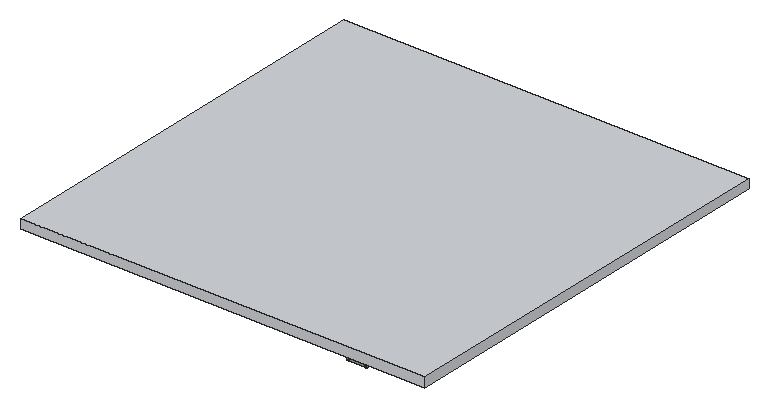
Revit family "LA2C-Elbow", category Lighting Fixtures, host Face, Revit 2014
Parameters (values of type "Elbow")
  Weight = "6 lbs"
  Wattage Comments = "14"
  Wattage = 12 W
  built-in parameter 1150110 = 1 (stored number, unit not read)
  Type Comments = "Stainless steel canopy mounts to\r\nstandard junction box (provided by others)"
  built-in parameter 1114217 = 1 (stored number, unit not read)
  built-in parameter 1150109 = 1 (stored number, unit not read)
  built-in parameter 1150134 = (empty or 0)
  built-in parameter 1150113 = 1 (stored number, unit not read)
  STANDARDS = "Damp Rated\r\n3-6 week lead time, CSA Approved to UL standards"
  Shade = 3form Varia Ecoresin
  Right [instance] = yes
  Model = "LA2C"
  Manufacturer = "LightArt"
  Lumens = 994.8 lm
  built-in parameter 1150115 = 1 (stored number, unit not read)
  built-in parameter 1150105 = 316.65 (stored number, unit not read)
  Light Source Symbol Size = 0' - 5"
  built-in parameter 1150137 = (empty or 0)
  built-in parameter 1150139 = (empty or 0)
  Left [instance] = yes
  built-in parameter 1150112 = 1 (stored number, unit not read)
  built-in parameter 1150114 = 1 (stored number, unit not read)
  LIGHTING = "Solid State LED System\r\n120v-277v input; 24v driver;\r\n0-10v dimming compatible\r\n3000k 81 CRI light source\r\nS - 12w, 1050mA, 1045 lumens"
  Keynote = ""
  Input = "120v-277v"
  built-in parameter 1150132 = (empty or 0)
  built-in parameter 1150102 = (empty or 0)
  built-in parameter 1150138 = (empty or 0)
  built-in parameter 1150107 = 3000 (stored number, unit not read)
  built-in parameter 1150106 = 3.1665 (stored number, unit not read)
  Height From Face = 3' - 0"
  Height = 0' - 8"
  Hardware = Stainless Steel Cables
  HARDWARE = "Removable powder coated lid\r\nStainless steel canopy mounts to\r\nstandard junction box (provided by others)\r\n(3-4) 3/64” stainless steel cables to canopy\r\nSilver power cord to canopy\r\nAdjustable 24”-96” suspension"
  built-in parameter 1150104 = 7.7017 (stored number, unit not read)
  Driver = "24v"
  Dimming Lamp Color Temperature Shift = <None>
  Dimming Compatibility = "0-10v"
  Description = "12w"
  Diffuser = White Opal Acrylic
  Default Elevation [instance] = 4' - 0"
  Comments = "This model is for use in spatial massing and rendering. Please contact LightArt for pick-point placement and installation details."
  Color Filter = 16777215
  built-in parameter 1114218 = 1 (stored number, unit not read)
  built-in parameter 1150133 = 10 (stored number, unit not read)
Reference planes (in)
  plane 1 "Light Source Axis (F/B)": y = 0
  plane 2 "Ceiling": z = 0
  plane 3 "Light Source Axis (L/R)": x = 0
  plane 4 "Light Source Elevation": z = -40
  plane 5: z = -44
  plane 6: z = -36
  plane 7: z = 0
Forms (in)
  Extrusion 1, solid, material "3form Varia Ecoresin" <- "Shade", detail levels medium+fine
    sketch origin (0, 0, -96) x (1, 0, 0) y (0, 1, 0)
      loop
        line (3.50159, 8.40368) -> (3.50159, 8.98479) -> (3.43681, 8.98479) -> (3.43681, 8.49926)
        arc (3.43681, 8.49926) -> (-2.56375, 5.97955) -> (-5.06265, -0.02971) r 8.56787
        line (-5.06265, -0.02971) -> (-5.5683, -0.02971) -> (-5.5683, -0.09221) -> (-5.00575, -0.09221)
        arc (-5.00575, -0.09221) -> (-2.50584, 5.91186) -> (3.50159, 8.40368) r 8.5215
      loop
        line (3.43681, 14.35266) -> (3.43681, 13.85287) -> (3.50112, 13.85287) -> (3.50112, 14.40874)
        arc (3.50112, 14.40874) -> (-6.75193, 10.16179) -> (-10.99888, -0.09126) r 14.5
        line (-10.99888, -0.09126) -> (-10.43638, -0.09126) -> (-10.43638, -0.02971) -> (-10.93621, -0.02971)
        arc (-10.93621, -0.02971) -> (-6.70881, 10.11866) -> (3.43681, 14.35266) r 14.44504
    from 52.125 to 59.875
  Extrusion 2, solid, material "White Opal Acrylic" <- "Diffuser", detail levels medium+fine
    sketch origin (0, 0, -96) x (1, 0, 0) y (0, 1, 0)
      loop
        arc (-5.00575, -0.09221) -> (-2.50602, 5.91215) -> (3.50155, 8.40411) r 8.52142
        line (3.50155, 8.40411) -> (3.50155, 14.40741)
        arc (3.50155, 14.40741) -> (-6.75122, 10.16057) -> (-10.99806, -0.09221) r 14.49962
        line (-10.99806, -0.09221) -> (-5.00575, -0.09221)
    from 52 to 52.125
  Extrusion 3, solid
    sketch origin (0, 0, 0) x (1, 0, 0) y (0, 1, 0)
      loop
        line (-60, -60) -> (60, -60) -> (60, 60) -> (-60, 60) -> (-60, -60)
    from 0 to 2.7863
  Extrusion 4, solid, material "3form Varia Ecoresin" <- "Shade", detail levels coarse
    sketch origin (0, 0, -96) x (1, 0, 0) y (0, 1, 0)
      loop
        line (-10.99809, -0.09221) -> (-5.00575, -0.09221)
        arc (-5.00575, -0.09221) -> (-2.50603, 5.91213) -> (3.50152, 8.4041) r 8.52142
        line (3.50152, 8.4041) -> (3.50152, 14.4074)
        arc (3.50152, 14.4074) -> (-6.75125, 10.16056) -> (-10.99809, -0.09221) r 14.49961
    from 52 to 60
  Extrusion 5, solid, material "White Opal Acrylic" <- "Diffuser", detail levels medium+fine
    sketch origin (0, 0, -96) x (1, 0, 0) y (0, 1, 0)
      loop
        line (-10.43638, -0.09221) -> (-5.5683, -0.09221) -> (-5.5683, -0.02971) -> (-10.43638, -0.02971) -> (-10.43638, -0.09221)
      loop
        line (3.50116, 13.85287) -> (3.43681, 13.85287) -> (3.43681, 8.98479) -> (3.50116, 8.98479) -> (3.50116, 13.85287)
    from 52.125 to 59.875
  Extrusion 6, solid, material "White Opal Acrylic" <- "Diffuser", detail levels medium+fine
    sketch origin (0, 0, -122.15329) x (1, 0, 0) y (0, 1, 0)
      loop
        arc (-5.00575, -0.09221) -> (-2.50659, 5.9128) -> (3.50126, 8.40511) r 8.52105
        line (3.50126, 8.40511) -> (3.50126, 14.40807)
        arc (3.50126, 14.40807) -> (-6.75198, 10.16103) -> (-10.99901, -0.09221) r 14.50027
        line (-10.99901, -0.09221) -> (-5.00575, -0.09221)
    from 86.02829 to 86.15329
Cuts and joins
  joined: Extrusion 2, Extrusion 5
Lines and regions (in)
  symbolic lines
    curve 1: line (-10.99901, -0.09221, -96) -> (-5.00575, -0.09221, -96)
    curve 2: line (-10.99901, -0.09221, -96) -> (-5.00575, -0.09221, -96)
    curve 3: arc (-5.00575, -0.09221, -96) -> (-2.50659, 5.9128, -96) -> (3.50126, 8.40511, -96) r 8.52105
    curve 4: arc (3.50126, 14.40807, -96) -> (-6.75198, 10.16103, -96) -> (-10.99901, -0.09221, -96) r 14.50027
    curve 5: line (3.50126, 8.40511, -96) -> (3.50126, 14.40807, -96)
Dimensions and locks (in)
  "Height": plane 6 to plane 5
  equal spacing: plane 6, plane 4 "Light Source Elevation", plane 5
  Extrusion 2 to Extrusion 2 = 0' - 0 1/8"
  locked: Extrusion 2 to Extrusion 2 at 0.125
  "Height From Face": plane 2 "Ceiling" to plane 6
  locked: Extrusion 6 to Extrusion 6 at 0.125
  aligned and locked: plane 4 "Light Source Elevation" to imposter light
  aligned and locked: plane 5 to Extrusion 2
  aligned and locked: plane 6 to nested 1
  aligned and locked: Extrusion 1 to Extrusion 2
  aligned and locked: Extrusion 1 to Extrusion 5  (x2)
  aligned and locked: nested 1 to plane 6
  aligned and locked: nested 2 to nested 1
  aligned and locked: plane 6 to Extrusion 6
  aligned and locked: Extrusion 1 to Extrusion 6
  aligned and locked: plane 6 to Extrusion 4
  aligned and locked: Extrusion 1 to cut or joined group of Extrusion 2, Extrusion 5
  aligned and locked: Extrusion 4 to plane 5
Automatic sketch dimensions
  Extrusion 2 sketch curve to plane 3 "Light Source Axis (L/R)" = 0' - 5.00575"
  Extrusion 3 sketch curve to Extrusion 3 sketch curve = 10' - 0"  (x2)
  plane 1 "Light Source Axis (F/B)" to Extrusion 5 sketch curve = 0' - 0.02971"
  Extrusion 5 sketch curve to plane 3 "Light Source Axis (L/R)" = 0' - 10.43638"
  Extrusion 5 sketch curve to Extrusion 5 sketch curve = 0' - 4.86808"  (x2)
  plane 3 "Light Source Axis (L/R)" to Extrusion 5 sketch curve = 0' - 3.43681"
  Extrusion 5 sketch curve to Extrusion 5 sketch curve = 0' - 0.06435"
  Extrusion 5 sketch curve to Extrusion 5 sketch curve = 0' - 0 1/16"
  Extrusion 5 sketch curve to plane 1 "Light Source Axis (F/B)" = 0' - 8.98479"
  plane 1 "Light Source Axis (F/B)" to Extrusion 1 sketch curve = 0' - 0.02971"  (x2)
  Extrusion 1 sketch curve to plane 3 "Light Source Axis (L/R)" = 0' - 10.93621"
  Extrusion 1 sketch curve to Extrusion 1 sketch curve = 0' - 0.49983"
  Extrusion 1 sketch curve to Extrusion 1 sketch curve = 0' - 4.86808"
  Extrusion 1 sketch curve to Extrusion 1 sketch curve = 0' - 0.50566"
  Extrusion 1 sketch curve to Extrusion 1 sketch curve = 0' - 0.0569"
  plane 3 "Light Source Axis (L/R)" to Extrusion 1 sketch curve = 0' - 3.43681"
  Extrusion 1 sketch curve to Extrusion 1 sketch curve = 0' - 0.06478"
  Extrusion 1 sketch curve to Extrusion 1 sketch curve = 0' - 0.01459"
  Extrusion 1 sketch curve to Extrusion 1 sketch curve = 0' - 0.01058"
  Extrusion 1 sketch curve to Extrusion 1 sketch curve = 0' - 0.00758"
  Extrusion 1 sketch curve to Extrusion 1 sketch curve = 0' - 0.06155"
  Extrusion 1 sketch curve to Extrusion 1 sketch curve = 0' - 0.04947"
  Extrusion 1 sketch curve to Extrusion 1 sketch curve = 0' - 0.0256"
  Extrusion 1 sketch curve to Extrusion 1 sketch curve = 0' - 0.02655"
  Extrusion 1 sketch curve to Extrusion 1 sketch curve = 0' - 0.48554"
  Extrusion 1 sketch curve to Extrusion 1 sketch curve = 0' - 0.49979"
  Extrusion 1 sketch curve to Extrusion 1 sketch curve = 0' - 0.06267"
  Extrusion 1 sketch curve to Extrusion 1 sketch curve = 0' - 0.06431"
  curve 1 to plane 3 "Light Source Axis (L/R)" = 0' - 5.00575"
  curve 1 to curve 1 = 0' - 5.99326"
  Extrusion 6 sketch curve to plane 3 "Light Source Axis (L/R)" = 0' - 5.00575"
  plane 3 "Light Source Axis (L/R)" to Extrusion 6 sketch curve = 0' - 3.50126"
  plane 1 "Light Source Axis (F/B)" to Extrusion 6 sketch curve = 0' - 0.09221"
  Extrusion 6 sketch curve to Extrusion 6 sketch curve = 0' - 0.01401"
  Extrusion 6 sketch curve to Extrusion 6 sketch curve = 0' - 0.02372"
  Extrusion 6 sketch curve to Extrusion 6 sketch curve = 0' - 6.00295"
  Extrusion 4 sketch curve to Extrusion 4 sketch curve = 0' - 0.01412"
  Extrusion 4 sketch curve to Extrusion 4 sketch curve = 0' - 0.0251"
  plane 1 "Light Source Axis (F/B)" to Extrusion 4 sketch curve = 0' - 0.09221"
  Extrusion 4 sketch curve to plane 3 "Light Source Axis (L/R)" = 0' - 10.99809"
  Extrusion 4 sketch curve to plane 3 "Light Source Axis (L/R)" = 0' - 5.00575"
  plane 3 "Light Source Axis (L/R)" to Extrusion 4 sketch curve = 0' - 3.50152"
  plane 1 "Light Source Axis (F/B)" to Extrusion 2 sketch curve = 0' - 0.09221"
  plane 3 "Light Source Axis (L/R)" to Extrusion 2 sketch curve = 0' - 3.50155"
  Extrusion 2 sketch curve to Extrusion 2 sketch curve = 0' - 6.0033"
  plane 1 "Light Source Axis (F/B)" to curve 1 = 0' - 0.09221"
  plane 1 "Light Source Axis (F/B)" to curve 3 = 0' - 0.11592"
  plane 3 "Light Source Axis (L/R)" to curve 3 = 0' - 3.50126"
  curve 4 to curve 3 = 0' - 0.01401"
Nested families (in)
  nested 1: "Steel Cable" at (3.50126, 11.41883, -40.43947) x (0, 1, 0) z (0, 0, 1), visible <- "Left", type "Steel Cable"
    with Height 3' - 0"
  nested 2: "Steel Cable" at (-7.80561, -0.09221, -40.43947), visible <- "Right", type "Steel Cable"
    with Height 3' - 0"
Definition of nested family "Steel Cable"
  Parameters (values of type "Steel Cable")
    Material = none
    Height = 2' - 9"
  Reference planes (in)
    plane 1 "Center (Front/Back)": y = 0
    plane 2: z = 0
    plane 3 "Center (Left/Right)": x = 0
    plane 4: z = 37.43947
    plane 5: z = 4.43947
  Forms (in)
    Extrusion 1, solid, material <- "Material"
      sketch origin (0, 0.06249, 0) x (1, 0, 0) y (0, 0, 1)
        loop
          line (1.57721, 0.38519) -> (1.57724, 4.43947)
          arc (1.57724, 4.43947) -> (0.00944, 5.56119) -> (-1.55836, 4.43947) r 1.6565
          line (-1.55836, 4.43947) -> (-1.55836, 0.38522)
          arc (-1.55836, 0.38522) -> (-1.44553, 0.11283) -> (-1.17314, 0) r 0.38522
          line (-1.17314, 0) -> (1.22175, 0)
          arc (1.22175, 0) -> (1.48393, 0.11467) -> (1.57721, 0.38519) r 0.3563
        loop
          line (0.77208, 1.06174) -> (0.77208, 4.56174)
          arc (0.77208, 4.56174) -> (0.01304, 5.07935) -> (-0.74601, 4.56174) r 0.81536
          line (-0.74601, 4.56174) -> (-0.74601, 1.06174)
          arc (-0.74601, 1.06174) -> (-0.6556, 0.74869) -> (-0.3594, 0.61289) r 0.39093
          line (-0.3594, 0.61289) -> (0.38558, 0.61289)
          arc (0.38558, 0.61289) -> (0.68174, 0.7487) -> (0.77208, 1.06174) r 0.39083
        loop
          circle (1.14945, 2.9859) r 0.08234
        loop
          circle (-1.13782, 2.9859) r 0.08234
        loop
          circle (1.14945, 0.37768) r 0.08234
        loop
          circle (-1.13782, 0.37768) r 0.08234
      from 0 to 0.125
    Revolve 2, solid, material <- "Material"
      sketch origin (0, 0.00119, 0) x (1, 0, 0) y (0, 0, 1)
        loop
          line (0, 6.85243) -> (0, 5.09501) -> (0.15937, 5.09501) -> (0.15937, 6.61585) -> (0.08845, 6.61585) -> (0.08845, 6.85243) -> (0, 6.85243)
        axis (0, 6.85243) -> (0, 5.09501)
      angle from 0 to 360
    Extrusion 3, solid, material <- "Material"
      sketch origin (0, 0.06249, 0) x (1, 0, 0) y (0, 1, 0)
        loop
          circle (0, -0.06153) r 0.04688
      from 6.85243 to 37.43947
  Dimensions and locks (in)
    "Height": plane 4 to plane 5
    locked: level to plane 5 at 4.43947
    aligned and locked: plane 2 to level
    aligned and locked: Extrusion 3 to Revolve 2
    aligned and locked: Extrusion 3 to plane 4
  Automatic sketch dimensions
    Extrusion 1 sketch curve to level = 0' - 0"
    Extrusion 1 sketch curve to plane 3 "Center (Left/Right)" = 0' - 1.55836"
    Extrusion 1 sketch curve to Extrusion 1 sketch curve = 0' - 0.38522"
    Extrusion 1 sketch curve to plane 3 "Center (Left/Right)" = 0' - 1.13782"
    Extrusion 1 sketch curve to Extrusion 1 sketch curve = 0' - 0.03532"
    Extrusion 1 sketch curve to plane 3 "Center (Left/Right)" = 0' - 0.74601"
    Extrusion 1 sketch curve to plane 3 "Center (Left/Right)" = 0' - 0.3594"
    plane 3 "Center (Left/Right)" to Extrusion 1 sketch curve = 0' - 0.00944"
    plane 3 "Center (Left/Right)" to Extrusion 1 sketch curve = 0' - 0.01304"
    plane 3 "Center (Left/Right)" to Extrusion 1 sketch curve = 0' - 0.38558"
    Extrusion 1 sketch curve to Extrusion 1 sketch curve = 0' - 0.3865"
    level to Extrusion 1 sketch curve = 0' - 0.37768"
    Extrusion 1 sketch curve to Extrusion 1 sketch curve = 0' - 0.37736"
    plane 3 "Center (Left/Right)" to Extrusion 1 sketch curve = 0' - 1.14945"
    Extrusion 1 sketch curve to Extrusion 1 sketch curve = 0' - 0.07231"
    Extrusion 1 sketch curve to Extrusion 1 sketch curve = 0' - 0.07264"
    level to Extrusion 1 sketch curve = 0' - 0.38519"
    Extrusion 1 sketch curve to Extrusion 1 sketch curve = 0' - 0.35512"
    Extrusion 1 sketch curve to Extrusion 1 sketch curve = 0' - 0.80516"
    Extrusion 1 sketch curve to Extrusion 1 sketch curve = 0' - 0.00753"
    level to Extrusion 1 sketch curve = 0' - 0.61289"
    Extrusion 1 sketch curve to Extrusion 1 sketch curve = 0' - 0.39083"
    Extrusion 1 sketch curve to Extrusion 1 sketch curve = 0' - 0.39093"
    Extrusion 1 sketch curve to Extrusion 1 sketch curve = 0' - 1.92416"  (x2)
    Extrusion 1 sketch curve to Extrusion 1 sketch curve = 0' - 0.91878"
    Extrusion 1 sketch curve to Extrusion 1 sketch curve = 0' - 0.35931"
    Extrusion 1 sketch curve to Extrusion 1 sketch curve = 0' - 1.45357"
    Extrusion 1 sketch curve to Extrusion 1 sketch curve = 0' - 0.29774"
    Revolve 2 sketch curve to plane 3 "Center (Left/Right)" = 0' - 0"  (x2)
    plane 3 "Center (Left/Right)" to Revolve 2 sketch curve = 0' - 0.08845"
    plane 3 "Center (Left/Right)" to Revolve 2 sketch curve = 0' - 0.15937"
    level to Revolve 2 sketch curve = 0' - 5.09501"
    Revolve 2 sketch curve to Revolve 2 sketch curve = 0' - 1.52084"
    Revolve 2 sketch curve to Revolve 2 sketch curve = 0' - 0.23658"
    Revolve 2 sketch curve to Revolve 2 sketch curve = 0' - 0.45184"
    Revolve 2 sketch curve to Revolve 2 sketch curve = 0' - 0.0858"
    Extrusion 3 sketch curve to plane 3 "Center (Left/Right)" = 0' - 0"
    Extrusion 3 sketch curve to plane 1 "Center (Front/Back)" = 0' - 0.00096"
    radius of Extrusion 1 sketch curve = 0' - 0.08234"  (x4)
    radius of Extrusion 3 sketch curve = 0' - 0 3/64"
